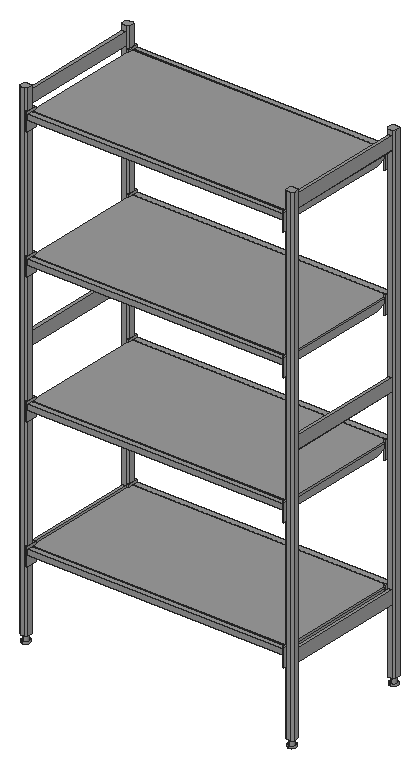
Revit family "QF_ZANUSSI_137032_BLS950", category Attrezzature speciali, Revit 2020
Family settings
  Quota connettore circolare = Usa diametro
  Tipo di parte = Normale
  Basato su piano di lavoro = No
  Sempre verticale = Sì
  Taglio con vuoti quando caricato = No
  Condiviso = No
  Punto di calcolo locali = No
Parameters (values of type "Standard")
  Weight = 20.00 kg
  Watts = 0 W
  Volts = 0 V
  URL Manufacturer = "http://www.zanussiprofessional.com"
  URL = "http://www.zanussiprofessional.com"
  Steam Supply Size = 0 mm
  Steam Supply Minimum Pressure = 0.0 Pa
  Steam Supply Maximum Pressure = 0.0 Pa
  Steam Consumption per Hour = 0
  Refrigeration Suction Line Size = 0.0 mm
  Refrigeration Liquid Line Size = 0.0 mm
  Refrigerant Compressor Remote = yes
  Prospetto di default = 0.0 mm
  Phase = 0
  Modello = "BLS950"
  Produttore = "Zanussi"
  Length Actual = 950.0 mm  # constant formula
  Item Number = "137032"
  Hot Water Size = 0 mm
  Height Actual = 1700.0 mm  # constant formula
  HP = "0 HP"
  Gas Size = 0 mm
  Gas KW = 0
  Gas Input Pressure = 0 W
  Direct Waste Size = 0 mm
  Descrizione = "ALUM.LINEAR SHELV.-POLY.TIERS-475X950MM"
  Depth Actual = 475.0 mm  # constant formula
  Cycle = 0 Hz
  Condensate Return Size = 0 mm
  Compressed Air Volume = 0.0 L/s
  Compressed Air Size = 0 mm
  Compressed Air Pressure = 0.0 Pa
  Cold Water Size = 0 mm
  Accessory = yes
Reference planes
  plane 1: z = 0
  plane 2 "Center (Left/Right)": x = -31
  plane 3 "LEFT": x = -506
  plane 4 "RIGHT": x = 444
  plane 5 "BACK": y = 23
  plane 6 "FRONT": y = -452
  plane 7 "TOP": z = 1700
  plane 8: x = 439
  plane 9: x = -474
  plane 10: x = 412
  plane 11 "Center (Front/Back)": y = -214.5
  plane 12: x = 407
  plane 13: y = -8.5
  plane 14: y = -420.5
  plane 15 "FEET": z = 25
  plane 16: z = 275
  plane 17: z = 725
  plane 18: z = 1175
  plane 19: z = 1625
  plane 20 "CXLeft": x = -492
  plane 21 "CXRight": x = 430
  plane 22: y = 5.5
  plane 23 "CYBack": y = 5.5
  plane 24 "CYFront": y = -434.5
Forms (mm)
  Extrusion 1, solid, material "QF_Aluminum"
    sketch origin (-506, 0, 0) x (0, 1, 0) y (0, 0, 1)
      loop
        line (4, 1650.994) -> (4, 1632.998) -> (23, 1632.998) -> (23, 1650.994) -> (4, 1650.994)
      loop
        line (-433, 1650.994) -> (-452, 1650.994) -> (-452, 1632.998) -> (-433, 1632.998) -> (-433, 1650.994)
      loop
        line (4, 1200.994) -> (4, 1182.998) -> (23, 1182.998) -> (23, 1200.994) -> (4, 1200.994)
      loop
        line (-433, 1200.994) -> (-452, 1200.994) -> (-452, 1182.998) -> (-433, 1182.998) -> (-433, 1200.994)
      loop
        line (4, 750.994) -> (4, 732.998) -> (23, 732.998) -> (23, 750.994) -> (4, 750.994)
      loop
        line (-433, 750.994) -> (-452, 750.994) -> (-452, 732.998) -> (-433, 732.998) -> (-433, 750.994)
      loop
        line (4, 300.994) -> (4, 282.998) -> (23, 282.998) -> (23, 300.994) -> (4, 300.994)
      loop
        line (-433, 300.994) -> (-452, 300.994) -> (-452, 282.998) -> (-433, 282.998) -> (-433, 300.994)
    from 32 to 918
  Extrusion 2, solid, material "QF_Polyethylene"
    sketch origin (-506, 0, 0) x (0, 1, 0) y (0, 0, 1)
      loop
        line (2.007, 1650.994) -> (-431, 1650.994) -> (-431, 1644.496) -> (2.007, 1644.496) -> (2.007, 1650.994)
      loop
        line (2.007, 1200.994) -> (-431, 1200.994) -> (-431, 1194.496) -> (2.007, 1194.496) -> (2.007, 1200.994)
      loop
        line (2.007, 750.994) -> (-431, 750.994) -> (-431, 744.496) -> (2.007, 744.496) -> (2.007, 750.994)
      loop
        line (2.007, 300.994) -> (-431, 300.994) -> (-431, 294.496) -> (2.007, 294.496) -> (2.007, 300.994)
    from 32 to 918
  Extrusion 3, solid, material "QF_Aluminum"
    sketch origin (444, 0, 0) x (0, 1, 0) y (0, 0, 1)
      loop
        line (-12, 1632.998) -> (4, 1632.998) -> (4, 1650.994) -> (2.007, 1650.994) -> (2.007, 1644.496) -> (-431, 1644.496) -> (-431, 1650.994) -> (-433, 1650.994) -> (-433, 1632.998) -> (-417, 1632.998) -> (-383, 1620.994) -> (-46, 1620.994) -> (-12, 1632.998)
      loop
        line (-12, 1182.998) -> (4, 1182.998) -> (4, 1200.994) -> (2.007, 1200.994) -> (2.007, 1194.496) -> (-431, 1194.496) -> (-431, 1200.994) -> (-433, 1200.994) -> (-433, 1182.998) -> (-417, 1182.998) -> (-383, 1170.994) -> (-46, 1170.994) -> (-12, 1182.998)
      loop
        line (-12, 732.998) -> (4, 732.998) -> (4, 750.994) -> (2.007, 750.994) -> (2.007, 744.496) -> (-431, 744.496) -> (-431, 750.994) -> (-433, 750.994) -> (-433, 732.998) -> (-417, 732.998) -> (-383, 720.994) -> (-46, 720.994) -> (-12, 732.998)
      loop
        line (-12, 282.998) -> (4, 282.998) -> (4, 300.994) -> (2.007, 300.994) -> (2.007, 294.496) -> (-431, 294.496) -> (-431, 300.994) -> (-433, 300.994) -> (-433, 282.998) -> (-417, 282.998) -> (-383, 270.994) -> (-46, 270.994) -> (-12, 282.998)
    from -32 to -37
Lines and regions (mm)
  symbolic lines
    curve 1: line (412, 4, 1700) -> (-474, 4, 1700)
    curve 2: line (-478, 23, 1700) -> (416, 23, 1700)
    curve 3: line (416, 13.246, 1700) -> (422.254, 19.5, 1700)
    curve 4: line (422.254, -8.5, 1700) -> (416, -2.246, 1700)
    curve 5: line (422.254, -420.5, 1700) -> (416, -426.754, 1700)
    curve 6: line (-478, -452, 1700) -> (416, -452, 1700)
    curve 7: line (416, 23, 1700) -> (416, -12.993, 1700)
    curve 8: line (416, -12.993, 1700) -> (412, -12.993, 1700)
    curve 9: line (416, -452, 1700) -> (416, -416.007, 1700)
    curve 10: line (416, -416.007, 1700) -> (412, -416.007, 1700)
    curve 11: line (-474, -12.993, 1700) -> (-474, -416.007, 1700)
    curve 12: line (-474, -433, 1700) -> (412, -433, 1700)
    curve 13: line (412, -12.993, 1700) -> (412, -416.007, 1700)
Dimensions and locks
  locked: plane 3 "LEFT" to plane 4 "RIGHT" at 950
  equal spacing: plane 3 "LEFT", plane 2 "Center (Left/Right)", plane 4 "RIGHT"
  locked: plane 7 "TOP" to level at 1700
  locked: plane 5 "BACK" to plane 6 "FRONT" at 475
  locked: plane 4 "RIGHT" to plane 8 at 5
  locked: plane 9 to plane 10 at 886
  locked: plane 3 "LEFT" to plane 9 at 32
  plane 12 to plane 10 = 5.0 mm
  locked: plane 13 to plane 14 at 412
  equal spacing: plane 13, plane 11 "Center (Front/Back)", plane 14
  equal spacing: plane 5 "BACK", plane 11 "Center (Front/Back)", plane 6 "FRONT"
  plane 15 "FEET" to level = 25.0 mm
  plane 7 "TOP" to plane 15 "FEET" = 1675.0 mm
  plane 16 to plane 15 "FEET" = 250.0 mm
  plane 17 to plane 16 = 450.0 mm
  plane 18 to plane 17 = 450.0 mm
  plane 19 to plane 18 = 450.0 mm
  locked: plane 3 "LEFT" to plane 20 "CXLeft" at 14
  locked: plane 21 "CXRight" to plane 4 "RIGHT" at 14
  locked: plane 5 "BACK" to plane 23 "CYBack" at 17.5
  locked: plane 24 "CYFront" to plane 6 "FRONT" at 17.5
  aligned and locked: level to plane 1
  aligned and locked: plane 9 to Extrusion 2
  aligned and locked: Extrusion 2 to plane 10
  aligned and locked: plane 9 to Extrusion 1
  aligned and locked: Extrusion 1 to plane 10
  aligned and locked: Extrusion 1 sketch curve to Extrusion 1 sketch curve  (x2)
  aligned and locked: Extrusion 3 sketch curve to Extrusion 3 sketch curve  (x3)
  aligned and locked: Extrusion 3 to plane 12
  aligned and locked: Extrusion 3 to plane 10
  aligned and locked: nested 1 to plane 20 "CXLeft"
  aligned and locked: nested 2 to plane 21 "CXRight"
Automatic sketch dimensions
  Extrusion 1 sketch curve to plane 6 "FRONT" = 0.0 mm  (x4)
  Extrusion 1 sketch curve to plane 5 "BACK" = 0.0 mm  (x4)
  plane 24 "CYFront" to Extrusion 1 sketch curve = 1.5 mm  (x2)
  plane 22 to Extrusion 1 sketch curve = 1.5 mm  (x4)
  plane 16 to Extrusion 1 sketch curve = 7.998 mm  (x2)
  Extrusion 1 sketch curve to Extrusion 1 sketch curve = 17.997 mm  (x8)
  plane 17 to Extrusion 1 sketch curve = 7.998 mm  (x2)
  plane 18 to Extrusion 1 sketch curve = 7.998 mm  (x2)
  plane 19 to Extrusion 1 sketch curve = 7.998 mm  (x2)
  plane 24 "CYFront" to Extrusion 2 sketch curve = 3.5 mm  (x4)
  plane 22 to Extrusion 2 sketch curve = 3.493 mm  (x4)
  plane 16 to Extrusion 2 sketch curve = 19.496 mm
  Extrusion 2 sketch curve to Extrusion 2 sketch curve = 6.499 mm  (x4)
  plane 17 to Extrusion 2 sketch curve = 19.496 mm
  plane 18 to Extrusion 2 sketch curve = 19.496 mm
  plane 19 to Extrusion 2 sketch curve = 19.496 mm
  plane 24 "CYFront" to Extrusion 3 sketch curve = 1.5 mm  (x4)
  Extrusion 3 sketch curve to Extrusion 3 sketch curve = 2.0 mm
  plane 14 to Extrusion 3 sketch curve = 3.5 mm  (x4)
  Extrusion 3 sketch curve to plane 16 = 4.006 mm
  Extrusion 3 sketch curve to Extrusion 3 sketch curve = 34.0 mm  (x4)
  Extrusion 3 sketch curve to plane 17 = 4.006 mm
  Extrusion 3 sketch curve to plane 18 = 4.006 mm
  Extrusion 3 sketch curve to plane 19 = 4.006 mm
  Extrusion 3 sketch curve to plane 13 = 37.5 mm  (x4)
  Extrusion 3 sketch curve to plane 13 = 3.5 mm  (x4)
  plane 22 to Extrusion 3 sketch curve = 3.493 mm  (x4)
  plane 22 to Extrusion 3 sketch curve = 1.5 mm  (x4)
  plane 16 to Extrusion 3 sketch curve = 7.998 mm  (x2)
  Extrusion 3 sketch curve to Extrusion 3 sketch curve = 11.498 mm  (x4)
  Extrusion 3 sketch curve to Extrusion 3 sketch curve = 6.499 mm  (x8)
  plane 17 to Extrusion 3 sketch curve = 7.998 mm  (x2)
  plane 18 to Extrusion 3 sketch curve = 7.998 mm  (x2)
  plane 19 to Extrusion 3 sketch curve = 7.998 mm  (x2)
  curve 6 to plane 6 "FRONT" = 0.0 mm
  curve 12 to plane 9 = 0.0 mm
  curve 12 to plane 10 = 0.0 mm
  curve 5 to plane 14 = 0.0 mm
  curve 11 to plane 9 = 0.0 mm
  curve 8 to plane 10 = 0.0 mm
  curve 4 to plane 13 = 0.0 mm
  curve 1 to plane 9 = 0.0 mm
  curve 1 to plane 10 = 0.0 mm
  curve 2 to plane 5 "BACK" = 0.0 mm
  plane 14 to curve 10 = 4.493 mm
  curve 7 to plane 13 = 4.493 mm
  curve 10 to plane 10 = 4.0 mm
  curve 7 to plane 10 = 4.0 mm
  plane 24 "CYFront" to curve 12 = 1.5 mm
  curve 5 to plane 14 = 6.254 mm
  plane 14 to curve 11 = 4.493 mm
  curve 11 to plane 13 = 4.493 mm
  plane 13 to curve 4 = 6.254 mm
  plane 22 to curve 1 = 1.5 mm
  curve 3 to plane 22 = 7.746 mm
  curve 3 to plane 5 "BACK" = 3.5 mm
  curve 5 to curve 9 = 6.254 mm
  curve 3 to curve 2 = 6.254 mm
  curve 4 to curve 7 = 6.254 mm
  plane 9 to curve 2 = 4.0 mm
  plane 9 to curve 6 = 4.0 mm
Nested families
  nested 1: "WT_Anta475" at (-89, 0, 0), type "WT_Anta475"
  nested 2: "WT_Anta475" at (27, 0, 0) x (-1, 0, 0) z (0, 0, 1), type "WT_Anta475"
Definition of nested family "WT_Anta475"
  Parameters
    WidthLeft = A + 64.0 mm  # 772.0 mm
    Width = 1606.0 mm
    Right = WidthLeft / 2  # 386.0 mm
    Default Elevation = 0.0 mm
    Left = -WidthLeft / 2  # -386.0 mm
    Height = 1725.0 mm
    FEET = 25.0 mm
    E = 0.0 mm
    Dint = Depth - 63.0 mm  # 412.0 mm
    Dext = Depth - 8.0 mm  # 467.0 mm
    Depth = 475.0 mm
    DX = (WidthLeft - A) / 2  # 32.0 mm
    B = 798.0 mm
    A = 708.0 mm
  Reference planes
    plane 1: z = 0
    plane 2 "LEFT": x = -417
    plane 3 "BACK": y = 23
    plane 4 "FRONT": y = -452
    plane 5 "TOP": z = 1725
    plane 6 "Center (Front/Back)": y = -214.5
    plane 7: y = -8.5
    plane 8: y = -420.5
    plane 9 "FEET": z = 25
    plane 10: z = 275
    plane 11: z = 725
    plane 12: z = 1175
    plane 13: z = 1625
    plane 14 "CXLeft": x = -403
    plane 15: y = 5.5
    plane 16 "CYBack": y = 5.5
    plane 17 "CYFront": y = -434.5
    plane 18: x = -385.031
    plane 19: x = -380.031
  Forms (mm)
    Extrusion 1, solid
      sketch origin (0, 0, 0) x (1, 0, 0) y (0, 1, 0)
        loop
          line (-417, 13.246) -> (-417, -2.246) -> (-410.746, -8.5) -> (-395.254, -8.5) -> (-389, -2.246) -> (-389, 13.246) -> (-395.254, 19.5) -> (-410.746, 19.5) -> (-417, 13.246)
      from 1725 to 25
    Extrusion 2, solid
      sketch origin (-417, 0, 0) x (0, 1, 0) y (0, 0, 1)
        loop
          line (23, 246.005) -> (23, 307.993) -> (-12.993, 307.993) -> (-12.993, 246.005) -> (23, 246.005)
        loop
          line (-452, 246.005) -> (-416.007, 246.005) -> (-416.007, 307.993) -> (-452, 307.993) -> (-452, 246.005)
        loop
          line (23, 696.005) -> (23, 757.993) -> (-12.993, 757.993) -> (-12.993, 696.005) -> (23, 696.005)
        loop
          line (-452, 696.005) -> (-416.007, 696.005) -> (-416.007, 757.993) -> (-452, 757.993) -> (-452, 696.005)
        loop
          line (23, 1146.005) -> (23, 1207.993) -> (-12.993, 1207.993) -> (-12.993, 1146.005) -> (23, 1146.005)
        loop
          line (-452, 1146.005) -> (-416.007, 1146.005) -> (-416.007, 1207.993) -> (-452, 1207.993) -> (-452, 1146.005)
        loop
          line (23, 1596.005) -> (23, 1657.993) -> (-12.993, 1657.993) -> (-12.993, 1596.005) -> (23, 1596.005)
        loop
          line (-452, 1596.005) -> (-416.007, 1596.005) -> (-416.007, 1657.993) -> (-452, 1657.993) -> (-452, 1596.005)
      from 28 to 32
    Revolve 3, solid
      sketch origin (-403, 0, 0) x (0, 1, 0) y (0, 0, 1)
        loop
          line (5.5, 25) -> (5.5, 0) -> (19, 0) -> (19, 5) -> (14, 5) -> (14, 25) -> (5.5, 25)
        axis (5.5, 25) -> (5.5, 0)
      angle from 0 to 360
    Extrusion 4, solid
      sketch origin (-403, 0, 0) x (0, 1, 0) y (0, 0, 1)
        loop
          line (-8.5, 912.382) -> (-8.5, 957.374) -> (-420.5, 957.374) -> (-420.5, 912.382) -> (-8.5, 912.382)
        loop
          line (-8.5, 1662.244) -> (-8.5, 1707.236) -> (-420.5, 1707.236) -> (-420.5, 1662.244) -> (-8.5, 1662.244)
      from -5 to 5
    Revolve 5, solid
      sketch origin (-403, -627, 0) x (0, -1, 0) y (0, 0, 1)
        loop
          line (-192.5, 25) -> (-192.5, 0) -> (-179, 0) -> (-179, 5) -> (-184, 5) -> (-184, 25) -> (-192.5, 25)
        axis (-192.5, 25) -> (-192.5, 0)
      angle from 0 to 360
    Extrusion 6, solid
      sketch origin (0, -627, 0) x (1, 0, 0) y (0, 1, 0)
        loop
          line (-417, 184.754) -> (-410.746, 178.5) -> (-395.254, 178.5) -> (-389, 184.754) -> (-389, 200.246) -> (-395.254, 206.5) -> (-410.746, 206.5) -> (-417, 200.246) -> (-417, 184.754)
      from 1725 to 25
    Extrusion 7, solid
      sketch origin (-417.031, -0.022, 0) x (0, 1, 0) y (0, 0, -1)
        loop
          line (-12, -1632.998) -> (-46, -1620.994) -> (-383, -1620.994) -> (-417, -1632.998) -> (-433, -1632.998) -> (-433, -1650.994) -> (-431, -1650.994) -> (-431, -1644.496) -> (2.007, -1644.496) -> (2.007, -1650.994) -> (4, -1650.994) -> (4, -1632.998) -> (-12, -1632.998)
        loop
          line (-12, -1182.998) -> (-46, -1170.994) -> (-383, -1170.994) -> (-417, -1182.998) -> (-433, -1182.998) -> (-433, -1200.994) -> (-431, -1200.994) -> (-431, -1194.496) -> (2.007, -1194.496) -> (2.007, -1200.994) -> (4, -1200.994) -> (4, -1182.998) -> (-12, -1182.998)
        loop
          line (-12, -732.998) -> (-46, -720.994) -> (-383, -720.994) -> (-417, -732.998) -> (-433, -732.998) -> (-433, -750.994) -> (-431, -750.994) -> (-431, -744.496) -> (2.007, -744.496) -> (2.007, -750.994) -> (4, -750.994) -> (4, -732.998) -> (-12, -732.998)
        loop
          line (-12, -282.998) -> (-46, -270.994) -> (-383, -270.994) -> (-417, -282.998) -> (-433, -282.998) -> (-433, -300.994) -> (-431, -300.994) -> (-431, -294.496) -> (2.007, -294.496) -> (2.007, -300.994) -> (4, -300.994) -> (4, -282.998) -> (-12, -282.998)
      from -32 to -37
    Extrusion 8, solid
      sketch origin (-403, 0, -659.878) x (0, 1, 0) y (0, 0, 1)
        loop
          line (-8.5, 912.382) -> (-8.5, 957.374) -> (-420.5, 957.374) -> (-420.5, 912.382) -> (-8.5, 912.382)
        loop
          line (-8.5, 1572.382) -> (-8.5, 1617.374) -> (-420.5, 1617.374) -> (-420.5, 1572.382) -> (-8.5, 1572.382)
        loop
          line (-8.5, 2322.382) -> (-8.5, 2367.374) -> (-420.5, 2367.374) -> (-420.5, 2322.382) -> (-8.5, 2322.382)
      from -5 to 5
  Lines and regions (mm)
    symbolic lines
      curve 1: line (-408, -8.5, 1725) -> (-408, -420.5, 1725)
      curve 2: line (-398, -420.5, 1725) -> (-398, -8.5, 1725)
      curve 3: line (-395.254, -8.5, 1725) -> (-410.746, -8.5, 1725)
      curve 4: line (-417, -2.246, 1725) -> (-410.746, -8.5, 1725)
      curve 5: line (-417, 13.246, 1725) -> (-417, -2.246, 1725)
      curve 6: line (-410.746, 19.5, 1725) -> (-417, 13.246, 1725)
      curve 7: line (-395.254, 19.5, 1725) -> (-410.746, 19.5, 1725)
      curve 8: line (-389, 13.246, 1725) -> (-395.254, 19.5, 1725)
      curve 9: line (-395.254, -8.5, 1725) -> (-389, -2.246, 1725)
      curve 10: line (-395.254, -420.5, 1725) -> (-410.746, -420.5, 1725)
      curve 11: line (-417, -426.754, 1725) -> (-410.746, -420.5, 1725)
      curve 12: line (-410.746, -448.5, 1725) -> (-417, -442.246, 1725)
      curve 13: line (-395.254, -448.5, 1725) -> (-410.746, -448.5, 1725)
      curve 14: line (-389, -442.246, 1725) -> (-395.254, -448.5, 1725)
      curve 15: line (-395.254, -420.5, 1725) -> (-389, -426.754, 1725)
      curve 16: line (-389, -452, 1725) -> (-389, -416.007, 1725)
      curve 17: line (-389, -416.007, 1725) -> (-385, -416.007, 1725)
      curve 18: line (-389, 23, 1725) -> (-389, -12.993, 1725)
      curve 19: line (-389, -12.993, 1725) -> (-385, -12.993, 1725)
      curve 20: line (-417, -426.754, 1725) -> (-417, -442.246, 1725)
      curve 21: line (-385, -452, 1725) -> (-385, -416.007, 1725)
      curve 22: line (-385, -452, 1725) -> (-389, -452, 1725)
      curve 23: line (-385, 23, 1725) -> (-389, 23, 1725)
      curve 24: line (-385, -12.993, 1725) -> (-385, 23, 1725)
      curve 25: line (-385.031, -13.016, 1725) -> (-385.031, -416.029, 1725)
  Dimensions and locks
    "Height": plane 5 "TOP" to level
    "Depth": plane 3 "BACK" to plane 4 "FRONT"
    "Dint": plane 7 to plane 8
    equal spacing: plane 7, plane 6 "Center (Front/Back)", plane 8
    equal spacing: plane 3 "BACK", plane 6 "Center (Front/Back)", plane 4 "FRONT"
    plane 9 "FEET" to level = 25.0 mm
    plane 5 "TOP" to plane 9 "FEET" = 1700.0 mm
    plane 10 to plane 9 "FEET" = 250.0 mm
    plane 11 to plane 10 = 450.0 mm
    plane 12 to plane 11 = 450.0 mm
    plane 13 to plane 12 = 450.0 mm
    locked: plane 2 "LEFT" to plane 14 "CXLeft" at 14
    locked: plane 3 "BACK" to plane 16 "CYBack" at 17.5
    locked: plane 17 "CYFront" to plane 4 "FRONT" at 17.5
    locked: Revolve 3 sketch curve to Revolve 3 sketch curve at 8.5
    locked: Revolve 3 sketch curve to plane 16 "CYBack" at 13.5
    locked: Revolve 5 sketch curve to Revolve 5 sketch curve at 8.5
    aligned and locked: level to plane 1
    aligned and locked: curve 20 to Extrusion 6
    aligned and locked: plane 5 "TOP" to Extrusion 1
    aligned and locked: plane 5 "TOP" to Extrusion 6
    aligned and locked: Extrusion 7 sketch curve to Extrusion 7 sketch curve  (x3)
  Automatic sketch dimensions
    curve 16 to plane 4 "FRONT" = 0.0 mm
    curve 11 to plane 8 = 0.0 mm
    curve 9 to plane 7 = 0.0 mm
    curve 5 to plane 2 "LEFT" = 0.0 mm
    curve 23 to plane 3 "BACK" = 0.0 mm
    plane 4 "FRONT" to curve 13 = 3.5 mm
    curve 20 to plane 17 "CYFront" = 7.746 mm
    curve 20 to plane 8 = 6.254 mm
    plane 8 to curve 16 = 4.493 mm
    curve 24 to plane 18 = 0.031 mm
    curve 24 to plane 7 = 4.493 mm
    plane 7 to curve 5 = 6.254 mm
    curve 5 to plane 15 = 7.746 mm
    curve 6 to plane 3 "BACK" = 3.5 mm
    curve 21 to plane 18 = 0.031 mm
    plane 18 to curve 23 = 3.969 mm
    plane 18 to curve 16 = 3.969 mm
    curve 18 to curve 8 = 6.254 mm
    curve 18 to curve 3 = 6.254 mm
    curve 16 to curve 13 = 6.254 mm
    curve 16 to curve 15 = 6.254 mm
    plane 2 "LEFT" to curve 10 = 6.254 mm
    plane 2 "LEFT" to curve 7 = 6.254 mm
    plane 2 "LEFT" to curve 12 = 6.254 mm
    plane 2 "LEFT" to curve 3 = 6.254 mm
    curve 14 to plane 17 "CYFront" = 7.746 mm
    curve 15 to plane 8 = 6.254 mm
    plane 7 to curve 9 = 6.254 mm
    curve 8 to plane 15 = 7.746 mm
    curve 3 to curve 2 = 2.746 mm
    curve 1 to curve 10 = 2.746 mm
    Extrusion 1 sketch curve to plane 2 "LEFT" = 0.0 mm
    Extrusion 1 sketch curve to plane 7 = 0.0 mm
    plane 2 "LEFT" to Extrusion 1 sketch curve = 6.254 mm  (x2)
    plane 14 "CXLeft" to Extrusion 1 sketch curve = 7.746 mm  (x2)
    Extrusion 1 sketch curve to plane 3 "BACK" = 3.5 mm
    plane 18 to Extrusion 1 sketch curve = 3.969 mm
    plane 7 to Extrusion 1 sketch curve = 6.254 mm  (x2)
    Extrusion 1 sketch curve to plane 15 = 7.746 mm  (x2)
    Extrusion 2 sketch curve to plane 4 "FRONT" = 0.0 mm  (x4)
    Extrusion 2 sketch curve to plane 3 "BACK" = 0.0 mm  (x4)
    plane 8 to Extrusion 2 sketch curve = 4.493 mm  (x4)
    Extrusion 2 sketch curve to plane 7 = 4.493 mm  (x4)
    Extrusion 2 sketch curve to plane 10 = 28.995 mm  (x2)
    plane 10 to Extrusion 2 sketch curve = 32.993 mm  (x2)
    Extrusion 2 sketch curve to plane 11 = 28.995 mm  (x2)
    plane 11 to Extrusion 2 sketch curve = 32.993 mm  (x2)
    Extrusion 2 sketch curve to plane 12 = 28.995 mm  (x2)
    plane 12 to Extrusion 2 sketch curve = 32.993 mm  (x2)
    Extrusion 2 sketch curve to plane 13 = 28.995 mm  (x2)
    plane 13 to Extrusion 2 sketch curve = 32.993 mm  (x2)
    Revolve 3 sketch curve to plane 9 "FEET" = 0.0 mm  (x2)
    Revolve 3 sketch curve to plane 15 = 0.0 mm  (x2)
    Revolve 3 sketch curve to level = 0.0 mm
    level to Revolve 3 sketch curve = 5.0 mm
    Revolve 3 sketch curve to Revolve 3 sketch curve = 11.655 mm
    Extrusion 4 sketch curve to plane 8 = 0.0 mm  (x2)
    Extrusion 4 sketch curve to plane 7 = 0.0 mm  (x2)
    plane 11 to Extrusion 4 sketch curve = 187.382 mm
    Extrusion 4 sketch curve to Extrusion 4 sketch curve = 44.992 mm
    plane 13 to Extrusion 4 sketch curve = 37.244 mm
    Extrusion 4 sketch curve to plane 5 "TOP" = 17.764 mm
    Revolve 5 sketch curve to plane 9 "FEET" = 0.0 mm  (x2)
    Revolve 5 sketch curve to plane 17 "CYFront" = 0.0 mm  (x2)
    Revolve 5 sketch curve to level = 0.0 mm
    Revolve 5 sketch curve to plane 4 "FRONT" = 4.0 mm
    Revolve 5 sketch curve to Revolve 5 sketch curve = 5.0 mm
    level to Revolve 5 sketch curve = 11.655 mm
    Extrusion 6 sketch curve to plane 2 "LEFT" = 0.0 mm
    Extrusion 6 sketch curve to plane 8 = 0.0 mm
    Extrusion 6 sketch curve to plane 2 "LEFT" = 6.254 mm  (x2)
    Extrusion 6 sketch curve to plane 14 "CXLeft" = 7.746 mm  (x2)
    Extrusion 6 sketch curve to plane 4 "FRONT" = 3.5 mm
    Extrusion 6 sketch curve to plane 18 = 3.969 mm
    plane 8 to Extrusion 6 sketch curve = 6.254 mm  (x2)
    plane 17 "CYFront" to Extrusion 6 sketch curve = 7.746 mm  (x2)
    plane 17 "CYFront" to Extrusion 7 sketch curve = 1.478 mm  (x4)
    Extrusion 7 sketch curve to Extrusion 7 sketch curve = 2.0 mm
    plane 8 to Extrusion 7 sketch curve = 3.478 mm  (x4)
    Extrusion 7 sketch curve to plane 10 = 4.006 mm
    Extrusion 7 sketch curve to Extrusion 7 sketch curve = 34.0 mm  (x4)
    Extrusion 7 sketch curve to plane 11 = 4.006 mm
    Extrusion 7 sketch curve to plane 12 = 4.006 mm
    Extrusion 7 sketch curve to plane 13 = 4.006 mm
    Extrusion 7 sketch curve to plane 7 = 37.522 mm  (x4)
    Extrusion 7 sketch curve to plane 7 = 3.522 mm  (x4)
    plane 15 to Extrusion 7 sketch curve = 3.516 mm  (x4)
    plane 15 to Extrusion 7 sketch curve = 1.522 mm  (x4)
    plane 13 to Extrusion 7 sketch curve = 7.998 mm  (x2)
    Extrusion 7 sketch curve to Extrusion 7 sketch curve = 11.498 mm
    Extrusion 7 sketch curve to Extrusion 7 sketch curve = 6.499 mm  (x5)
    plane 12 to Extrusion 7 sketch curve = 25.994 mm  (x2)
    plane 12 to Extrusion 7 sketch curve = 7.998 mm  (x2)
    plane 11 to Extrusion 7 sketch curve = 25.994 mm  (x2)
    plane 11 to Extrusion 7 sketch curve = 7.998 mm  (x2)
    plane 10 to Extrusion 7 sketch curve = 25.994 mm  (x2)
    plane 10 to Extrusion 7 sketch curve = 7.998 mm  (x2)
    curve 25 to plane 18 = 0.0 mm
    plane 8 to curve 25 = 4.471 mm
    curve 25 to plane 7 = 4.516 mm
    Extrusion 8 sketch curve to plane 8 = 0.0 mm  (x3)
    Extrusion 8 sketch curve to plane 7 = 0.0 mm  (x3)
    Extrusion 8 sketch curve to plane 10 = 22.496 mm
    plane 10 to Extrusion 8 sketch curve = 22.496 mm
    plane 11 to Extrusion 8 sketch curve = 187.504 mm
    Extrusion 8 sketch curve to Extrusion 8 sketch curve = 44.992 mm
    plane 13 to Extrusion 8 sketch curve = 37.504 mm
    Extrusion 8 sketch curve to plane 5 "TOP" = 17.504 mm
